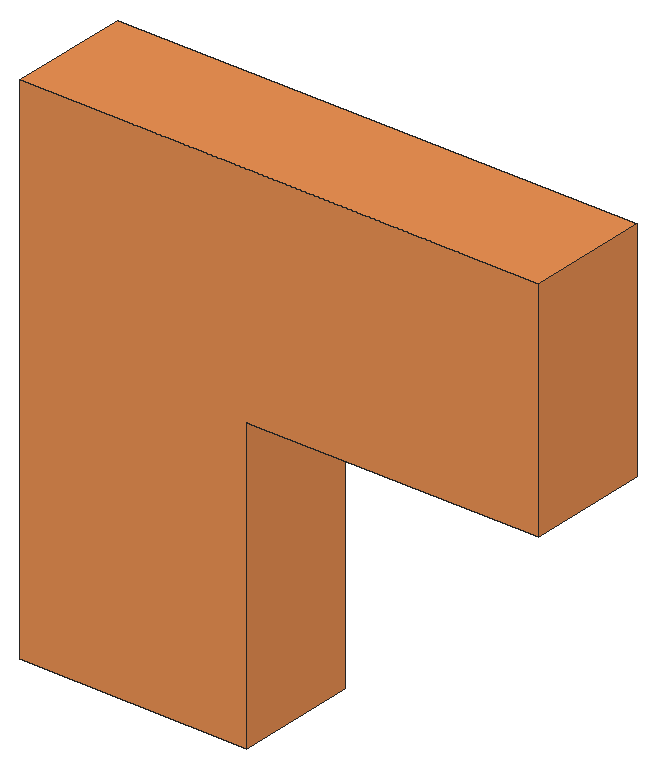
Revit family "BUS_Elbow Vertical-Horizontal 1600A", category Electrical Equipment, Revit 2025
Family settings
  Panel Configuration = Two Columns, Circuits Across
  Round Connector Dimension = Use Diameter
  Part Type = Panelboard
  OmniClass Number = 23.80.30.11.17
  OmniClass Title = Distribution Boards and Control Panels
  Work Plane-Based = No
  Always vertical = Yes
  Cut with Voids When Loaded = No
  Maintain Annotation Orientation = No
  Shared = No
  Room Calculation Point = No
Parameters (values of type "1600A")
  built-in parameter 1140142 [instance] = -1
  built-in parameter 1140140 [instance] = 1 (stored number, unit not read)
  built-in parameter 1155100 [instance] = -1
  Default Elevation = 0 mm
Reference planes
  plane 1 "Center (Front/Back)": y = 0
  plane 2: z = 0
  plane 3 "Center (Left/Right)": x = 0
Forms (mm)
  Extrusion 1, solid, material "Busduct 1600A"
    sketch origin (0, -75, 0) x (0, 0, 1) y (1, 0, 0)
      loop
        line (140, -140) -> (140, 500) -> (-140, 500) -> (-140, 140) -> (-500, 140) -> (-500, -140) -> (140, -140)
    from 0 to 150
Dimensions and locks
  aligned and locked: level to plane 2
